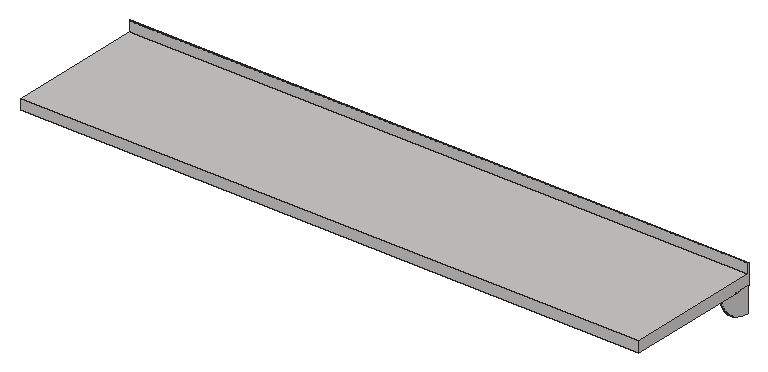
Revit family "QF_ELECTROLUXPROFESSIONAL_132827_WSS184N", category Attrezzature speciali, Revit 2020
Family settings
  Quota connettore circolare = Usa diametro
  Tipo di parte = Normale
  Basato su piano di lavoro = No
  Sempre verticale = Sì
  Taglio con vuoti quando caricato = No
  Condiviso = No
  Punto di calcolo locali = No
Parameters (values of type "Standard")
  Weight = 8.00 kg
  Watts = 0 W
  Volts = 0 V
  URL Manufacturer = "https://www.electroluxprofessional.com/"
  URL = "https://www.electroluxprofessional.com/"
  Steam Supply Size = 0 mm
  Steam Supply Minimum Pressure = 0.0 Pa
  Steam Supply Maximum Pressure = 0.0 Pa
  Steam Consumption per Hour = 0
  Refrigeration Suction Line Size = 0.0 mm
  Refrigeration Liquid Line Size = 0.0 mm
  Refrigerant Compressor Remote = yes
  Prospetto di default = 0.0 mm
  Produttore = "Electrolux Professional"
  Phase = 0
  Modello = "WSS184N"
  Length Actual = 1800.0 mm  # constant formula
  Item Number = "132827"
  Hot Water Size = 0 mm
  Height Actual = 30.0 mm  # constant formula
  HP = "0 HP"
  Gas Size = 0 mm
  Gas KW = 0
  Gas Input Pressure = 0 W
  Direct Waste Size = 0 mm
  Descrizione = "SOLID WALL SHELF WITH BRACKETS 1800 MM"
  Depth Actual = 400.0 mm  # constant formula
  Cycle = 0 Hz
  Condensate Return Size = 0 mm
  Compressed Air Volume = 0.0 L/s
  Compressed Air Size = 0 mm
  Compressed Air Pressure = 0.0 Pa
  Cold Water Size = 0 mm
  Accessory = yes
Reference planes
  plane 1 "Center (Front/Back)": y = 0
  plane 2: z = 0
  plane 3 "Center (Left/Right)": x = -400
  plane 4 "LEFT": x = -1300
  plane 5 "RIGHT": x = 500
  plane 6 "BACK": y = 50
  plane 7 "FRONT": y = -350
  plane 8 "TOP": z = 132
  plane 9: z = 102
  plane 10: z = 72
Forms (mm)
  Extrusion 1, solid, material "QF_Finishes_Stainless Steel"
    sketch origin (-400, 0, 0) x (0, 1, 0) y (0, 0, 1)
      loop
        line (48, 102) -> (-350, 102) -> (-350, 72) -> (50, 72) -> (50, 132) -> (48, 132) -> (48, 102)
    from 900 to -900
  Extrusion 2, solid, material "QF_Finishes_Stainless Steel"
    sketch origin (-1300, 0, 0) x (0, 1, 0) y (0, 0, 1)
      loop
        line (50, 72) -> (-50, 72)
        arc (-50, 72) -> (-13.401, 19.967) -> (47, 0) r 101.34
        line (47, 0) -> (50, 0) -> (50, 72)
    from 0 to 3
  Extrusion 3, solid, material "QF_Finishes_Stainless Steel"
    sketch origin (500, 0, 0) x (0, 1, 0) y (0, 0, 1)
      loop
        line (50, 72) -> (-50, 72)
        arc (-50, 72) -> (-13.401, 19.967) -> (47, 0) r 101.34
        line (47, 0) -> (50, 0) -> (50, 72)
    from 0 to -3
  Extrusion 4, solid, material "QF_Finishes_Stainless Steel"
    sketch origin (0, 50, 0) x (-1, 0, 0) y (0, 0, 1)
      loop
        line (1297, 72) -> (1270, 72) -> (1270, 0) -> (1297, 0) -> (1297, 72)
      loop
        arc (1278.5, 10) -> (1275.5, 7) -> (1278.5, 4) r 3
        line (1278.5, 4) -> (1288.5, 4)
        arc (1288.5, 4) -> (1291.5, 7) -> (1288.5, 10) r 3
        line (1288.5, 10) -> (1278.5, 10)
    from 0 to -3
  Extrusion 5, solid, material "QF_Finishes_Stainless Steel"
    sketch origin (0, 50, 0) x (1, 0, 0) y (0, 0, -1)
      loop
        line (497, -72) -> (497, 0) -> (470, 0) -> (470, -72) -> (497, -72)
      loop
        line (478.5, -10) -> (488.5, -10)
        arc (488.5, -10) -> (491.5, -7) -> (488.5, -4) r 3
        line (488.5, -4) -> (478.5, -4)
        arc (478.5, -4) -> (475.5, -7) -> (478.5, -10) r 3
    from 0 to -3
Lines and regions (mm)
  symbolic lines
    curve 1: line (500, 50, 132) -> (-1300, 50, 132)
    curve 2: line (-1300, 50, 132) -> (-1300, -350, 132)
    curve 3: line (-1300, -350, 132) -> (500, -350, 132)
    curve 4: line (500, -350, 132) -> (500, 50, 132)
    curve 5: line (500, 48, 132) -> (-1300, 48, 132)
Dimensions and locks
  plane 4 "LEFT" to plane 5 "RIGHT" = 1800.0 mm
  equal spacing: plane 4 "LEFT", plane 3 "Center (Left/Right)", plane 5 "RIGHT"
  locked: plane 8 "TOP" to level at 132
  plane 6 "BACK" to plane 7 "FRONT" = 400.0 mm
  plane 6 "BACK" to plane 1 "Center (Front/Back)" to plane 7 "FRONT" = 50.0 mm, 350.0 mm
  locked: plane 8 "TOP" to plane 9 at 30
  plane 9 to plane 10 = 30.0 mm
  locked: Extrusion 4 sketch curve to Extrusion 2 at 27
  aligned and locked: level to plane 2
  aligned and locked: Extrusion 1 to plane 4 "LEFT"
  aligned and locked: plane 5 "RIGHT" to Extrusion 1
  aligned and locked: curve 2 to plane 4 "LEFT"
  aligned and locked: Extrusion 1 sketch curve to plane 9
  aligned and locked: Extrusion 4 sketch curve to Extrusion 2
  aligned and locked: Extrusion 4 sketch curve to Extrusion 1
  aligned and locked: Extrusion 4 sketch curve to level
  aligned and locked: plane 6 "BACK" to Extrusion 3 sketch curve
  aligned and locked: Extrusion 3 sketch curve to plane 10
  aligned and locked: Extrusion 3 sketch curve to level
  aligned and locked: plane 6 "BACK" to Extrusion 2 sketch curve
  aligned and locked: Extrusion 2 sketch curve to plane 10
  aligned and locked: Extrusion 2 sketch curve to level
Automatic sketch dimensions
  Extrusion 1 sketch curve to plane 7 "FRONT" = 0.0 mm
  Extrusion 1 sketch curve to plane 8 "TOP" = 0.0 mm
  Extrusion 1 sketch curve to plane 6 "BACK" = 0.0 mm
  Extrusion 1 sketch curve to plane 10 = 0.0 mm
  Extrusion 1 sketch curve to plane 6 "BACK" = 2.0 mm
  Extrusion 2 sketch curve to Extrusion 2 sketch curve = 3.0 mm
  plane 1 "Center (Front/Back)" to Extrusion 2 sketch curve = 50.0 mm
  Extrusion 3 sketch curve to Extrusion 3 sketch curve = 3.0 mm
  plane 1 "Center (Front/Back)" to Extrusion 3 sketch curve = 50.0 mm
  Extrusion 4 sketch curve to Extrusion 4 sketch curve = 8.5 mm
  Extrusion 4 sketch curve to Extrusion 4 sketch curve = 10.0 mm
  level to Extrusion 4 sketch curve = 4.0 mm
  Extrusion 4 sketch curve to Extrusion 4 sketch curve = 3.0 mm
  curve 3 to plane 7 "FRONT" = 0.0 mm
  curve 5 to plane 5 "RIGHT" = 0.0 mm
  curve 4 to plane 6 "BACK" = 0.0 mm
  curve 5 to plane 6 "BACK" = 2.0 mm
  Extrusion 5 sketch curve to plane 10 = 0.0 mm
  Extrusion 5 sketch curve to level = 0.0 mm
  plane 5 "RIGHT" to Extrusion 5 sketch curve = 30.0 mm
  Extrusion 5 sketch curve to Extrusion 5 sketch curve = 8.5 mm
  Extrusion 5 sketch curve to Extrusion 5 sketch curve = 10.0 mm
  plane 5 "RIGHT" to Extrusion 5 sketch curve = 3.0 mm
  Extrusion 5 sketch curve to level = 4.0 mm
  Extrusion 5 sketch curve to Extrusion 5 sketch curve = 3.0 mm
